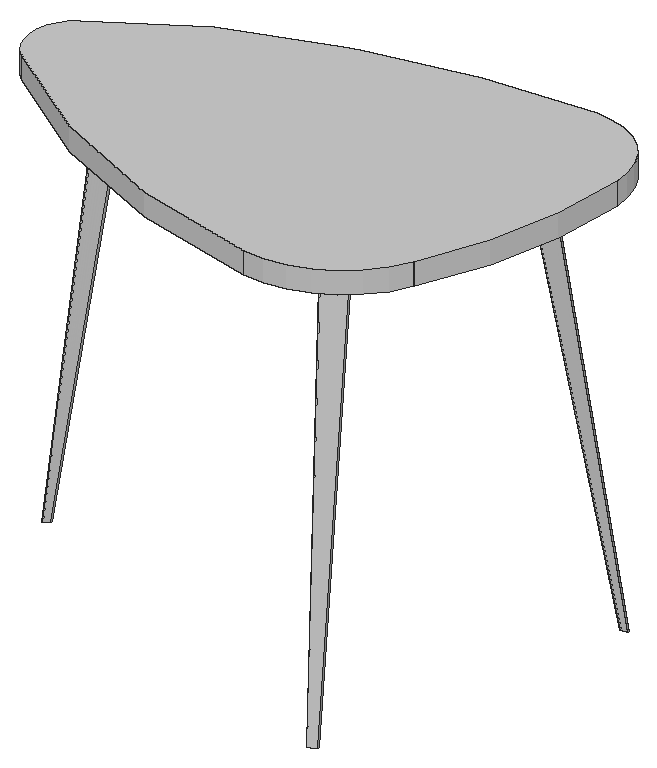
Revit family "Haworth_Mexique_CollaborativeTable", category Furniture, Revit 2018
Family settings
  OmniClass Number = 23.40.70.14.64.21
  OmniClass Title = Systems Furniture
  Work Plane-Based = No
  Always vertical = Yes
  Cut with Voids When Loaded = No
  Shared = No
  Room Calculation Point = No
Parameters (values of type "Bar Height Table")
  Warranty = "http://www.haworth.com/resources/product-info/warranties"
  URL - Product = "https://www.haworth.com/na/en/products/collaborative-conference/mexique-tables.html"
  URL = "https://www.haworth.com/na/en/about/brands/haworth-collection.html"
  Top Finish [instance] = Haworth _ Paint _ Undecided _ Table
  Sustainability Info = "https://www.haworth.com/na/en/expertise/sustainability.html"
  Standard Height = no
  Size = "Verify Final Dim. w/ Haworth"  # constant formula
  Revision Number = "1"  # constant formula
  Model = "HCCSMXTC"  # constant formula
  Manufacturer = "Haworth"  # constant formula
  Leg Finish [instance] = Haworth _ Paint _ Undecided _ Table
  Description = "Haworth - Cassina - Mexique - Collaborative Table - Bar Height"
  Bar Height = not(Standard Height)  # yes
  Author = "Haworth (Abd Rahman)"  # constant formula
  Assembly Code = "E2020200"
  Actual Width = 46.50"  # constant formula
  Actual Height = if(Standard Height, 27.60", 40.20")  # 40.20"
  Actual Depth = 31.50"  # constant formula
Types (2): name | Standard Height | Description | Bar Height | Actual Height
  Standard Height Table | yes | "Haworth - Cassina - Mexique - Collaborative Table - Standard Height" | no | 27.60"
  Bar Height Table | no | "Haworth - Cassina - Mexique - Collaborative Table - Bar Height" | yes | 40.20"
Reference planes (in)
  plane 1: z = 0
  plane 2 "Top": z = 40.2
  plane 3 "Left": x = -21.26989
  plane 4 "Right": x = 25.23011
  plane 5 "Center (Left/Right)": x = 1.98011
  plane 6 "Back": y = 5.59886
  plane 7 "Front": y = -25.90114
  plane 8 "Center (Front/Back)": y = -10.15114
  plane 9: z = 38.2
  plane 10: z = 38.17992
Dimensions and locks (in)
  "Actual Height": plane 2 "Top" to plane 1
  "Actual Width": plane 3 "Left" to plane 4 "Right"
  equal spacing: plane 3 "Left", plane 5 "Center (Left/Right)", plane 4 "Right"
  "Actual Depth": plane 7 "Front" to plane 6 "Back"
  equal spacing: plane 7 "Front", plane 8 "Center (Front/Back)", plane 6 "Back"
  plane 2 "Top" to plane 9 to plane 10 = 2.00" locked, 0.02008" locked
  aligned and locked: plane 8 "Center (Front/Back)" to nested 1
  aligned and locked: plane 5 "Center (Left/Right)" to nested 1
  aligned and locked: plane 8 "Center (Front/Back)" to nested 2
  aligned and locked: plane 5 "Center (Left/Right)" to nested 2
  aligned and locked: plane 8 "Center (Front/Back)" to nested 3
  aligned and locked: plane 5 "Center (Left/Right)" to nested 3
  aligned and locked: plane 2 "Top" to nested 3
  aligned and locked: plane 9 to nested 3
Nested families (in)
  nested 1: "Haworth_Mexique_CollaborativeTable_StandardHeight_Leg-PART" at (0, 0, 0), Leg Finish <- "Leg Finish", visible <- "Standard Height", type "Standard Height - leg - PART"
    with Leg Finish Haworth _ Paint _ Undecided _ Table
  nested 2: "Haworth_Mexique_CollaborativeTable_BarHeight_Leg-PART" at (0, 0, 0), Leg Finish <- "Leg Finish", visible <- "Bar Height", type "Bar Height Table - Leg - PART"
    with Leg Finish Haworth _ Paint _ Undecided _ Table
  nested 3: "Haworth_Mexique_Table_TableTop-PART" at (0, 0, 0), Table Finish <- "Top Finish", type "Table Top - PART"
    with Table Finish Haworth _ Paint _ Undecided _ Table, Actual Height 40.20"
Definition of nested family "Haworth_Mexique_CollaborativeTable_StandardHeight_Leg-PART"
  Parameters (values of type "Standard Height - leg - PART")
    Warranty = "http://www.haworth.com/resources/product-info/warranties"
    URL - Product = "https://www.haworth.com/na/en/products/collaborative-conference/mexique-tables.html"
    URL = "https://www.haworth.com/na/en/about/brands/haworth-collection.html"
    Sustainability Info = "https://www.haworth.com/na/en/expertise/sustainability.html"
    Size = "Verify Final Dim. w/ Haworth"  # constant formula
    Revision Number = "1"  # constant formula
    Model = "HCCSMXTC"  # constant formula
    Manufacturer = "Haworth"  # constant formula
    Leg Finish [instance] = none
    Description = "Haworth - Cassina - Mexique - Collaborative Table - Standard Height - Leg - PART"  # constant formula
    Author = "Haworth (Abd Rahman)"  # constant formula
    Assembly Code = "E2020200"
    Actual Width = 46.50"  # constant formula
    Actual Height = 27.60"  # constant formula
    Actual Depth = 31.50"  # constant formula
  Reference planes (in)
    plane 1: z = 0
    plane 2 "Top": z = 27.6
    plane 3 "Left": x = -21.26989
    plane 4 "Right": x = 25.23011
    plane 5 "Center (Left/Right)": x = 1.98011
    plane 6 "Back": y = 5.59886
    plane 7 "Front": y = -25.90114
    plane 8 "Center (Front/Back)": y = -10.15114
    plane 9: z = 25.6
    plane 10: z = 25.57992
  Forms (in)
    Extrusion 1, solid, material <- "Leg Finish"
      sketch origin (-0.0625, -0.0625, 0) x (1, 0, 0) y (0, 1, 0)
        loop
          arc (13.74472, -17.60546) -> (12.71222, -17.35993) -> (12.14032, -18.25395) r 0.91639
          line (12.14032, -18.25395) -> (12.31705, -21.89633)
          arc (12.31705, -21.89633) -> (12.731, -22.61086) -> (13.55326, -22.68713) r 0.9
          line (13.55326, -22.68713) -> (15.81155, -21.77433)
          arc (15.81155, -21.77433) -> (16.34875, -21.14943) -> (16.15034, -20.3496) r 0.89813
          line (16.15034, -20.3496) -> (13.74472, -17.60546)
        loop
          arc (21.71193, 0.23163) -> (22.18327, 0.92058) -> (21.89452, 1.7038) r 0.90978
          line (21.89452, 1.7038) -> (20.10946, 3.33691)
          arc (20.10946, 3.33691) -> (19.31237, 3.55269) -> (18.67488, 3.02778) r 0.9
          line (18.67488, 3.02778) -> (17.24343, -0.30816)
          arc (17.24343, -0.30816) -> (17.4684, -1.35218) -> (18.52826, -1.48364) r 0.92217
          line (18.52826, -1.48364) -> (21.71193, 0.23163)
        loop
          arc (-16.04626, -7.27034) -> (-17.05368, -7.41331) -> (-17.52048, -8.31743) r 1.10896
          line (-17.52048, -8.31743) -> (-17.52047, -11.23549)
          arc (-17.52047, -11.23549) -> (-17.06199, -12.12349) -> (-16.07252, -12.26391) r 1.0892
          line (-16.07252, -12.26391) -> (-11.91237, -10.81269)
          arc (-11.91237, -10.81269) -> (-11.16649, -9.76254) -> (-11.91237, -8.71239) r 1.11221
          line (-11.91237, -8.71239) -> (-16.04626, -7.27034)
      from 25.57992 to 25.6
    Blend 2, solid, material <- "Leg Finish"
      base sketch origin (0, 0, 0) x (1, 0, 0) y (0, 1, 0)
        loop
          arc (-20.35163, -10.14143) -> (-20.31374, -10.20206) -> (-20.24261, -10.19483) r 0.06765
          line (-20.24261, -10.19483) -> (-19.79233, -9.84685)
          arc (-19.79233, -9.84685) -> (-19.74559, -9.75156) -> (-19.79248, -9.65635) r 0.12031
          line (-19.79248, -9.65635) -> (-20.24265, -9.30957)
          arc (-20.24265, -9.30957) -> (-20.31487, -9.30239) -> (-20.35313, -9.36406) r 0.06862
          line (-20.35313, -9.36406) -> (-20.35163, -10.14143)
      top sketch origin (0, 0, 0) x (1, 0, 0) y (0, 1, 0)
        loop
          arc (-16.47232, -10.67718) -> (-16.44054, -10.7295) -> (-16.37948, -10.72515) r 0.05874
          line (-16.37948, -10.72515) -> (-15.17752, -9.86861)
          arc (-15.17752, -9.86861) -> (-15.12748, -9.77188) -> (-15.17691, -9.67484) r 0.11923
          line (-15.17691, -9.67484) -> (-16.37409, -8.81031)
          arc (-16.37409, -8.81031) -> (-16.43583, -8.80555) -> (-16.46824, -8.85832) r 0.05939
          line (-16.46824, -8.85832) -> (-16.47232, -10.67718)
      from 0 to 25.57992
    Blend 3, solid, material <- "Leg Finish"
      base sketch origin (0, 0, 0) x (1, 0, 0) y (0, 1, 0)
        loop
          line (15.90279, -23.61034) -> (15.40758, -23.32097)
          arc (15.40758, -23.32097) -> (15.30749, -23.31376) -> (15.24064, -23.38859) r 0.11375
          line (15.24064, -23.38859) -> (15.08598, -23.94234)
          arc (15.08598, -23.94234) -> (15.10312, -24.00085) -> (15.1632, -24.01124) r 0.05764
          line (15.1632, -24.01124) -> (15.8954, -23.7137)
          arc (15.8954, -23.7137) -> (15.93126, -23.66432) -> (15.90279, -23.61034) r 0.05775
      top sketch origin (0, 0, 0) x (1, 0, 0) y (0, 1, 0)
        loop
          arc (13.70045, -19.03322) -> (13.59218, -19.02308) -> (13.52084, -19.10514) r 0.11906
          line (13.52084, -19.10514) -> (13.16729, -20.54123)
          arc (13.16729, -20.54123) -> (13.18569, -20.59924) -> (13.2457, -20.60933) r 0.05836
          line (13.2457, -20.60933) -> (14.93467, -19.9312)
          arc (14.93467, -19.9312) -> (14.97155, -19.88177) -> (14.94444, -19.82639) r 0.05918
          line (14.94444, -19.82639) -> (13.70045, -19.03322)
      from 0 to 25.57992
    Blend 4, solid, material <- "Leg Finish"
      base sketch origin (-0.40247, -13.18189, 0) x (0.939693, -0.34202, 0) y (0.34202, 0.939693, 0)
        loop
          arc (15.90279, 23.61034) -> (15.93126, 23.66432) -> (15.8954, 23.7137) r 0.05775
          line (15.8954, 23.7137) -> (15.1632, 24.01124)
          arc (15.1632, 24.01124) -> (15.10312, 24.00085) -> (15.08598, 23.94234) r 0.05764
          line (15.08598, 23.94234) -> (15.24064, 23.38859)
          arc (15.24064, 23.38859) -> (15.30749, 23.31376) -> (15.40758, 23.32097) r 0.11375
          line (15.40758, 23.32097) -> (15.90279, 23.61034)
      top sketch origin (-0.40247, -13.18189, 0) x (0.939693, -0.34202, 0) y (0.34202, 0.939693, 0)
        loop
          line (13.70045, 19.03322) -> (14.94444, 19.82639)
          arc (14.94444, 19.82639) -> (14.97155, 19.88177) -> (14.93467, 19.9312) r 0.05918
          line (14.93467, 19.9312) -> (13.2457, 20.60933)
          arc (13.2457, 20.60933) -> (13.18569, 20.59924) -> (13.16729, 20.54123) r 0.05836
          line (13.16729, 20.54123) -> (13.52084, 19.10514)
          arc (13.52084, 19.10514) -> (13.59218, 19.02308) -> (13.70045, 19.03322) r 0.11906
      from 0 to 25.57992
  Lines and regions (in)
    symbolic lines
      curve 1: line (-20.35163, -10.14143, 0) -> (-20.35313, -9.36406, 0)
      curve 2: line (-16.07252, -12.26391, 0) -> (-11.91237, -10.81269, 0)
      curve 3: line (-11.91237, -8.71239, 0) -> (-16.04626, -7.27034, 0)
      curve 4: arc (-11.91237, -10.81269, 0) -> (-11.16649, -9.76254, 0) -> (-11.91237, -8.71239, 0) r 1.11221
      curve 5: arc (-16.04626, -7.27034, 0) -> (-17.05368, -7.41331, 0) -> (-17.52048, -8.31743, 0) r 1.10896
      curve 6: arc (-17.52047, -11.23549, 0) -> (-17.06199, -12.12349, 0) -> (-16.07252, -12.26391, 0) r 1.0892
      curve 7: line (-17.52048, -8.31743, 0) -> (-17.52048, -8.93666, 0)
      curve 8: arc (-20.35313, -9.36406, 0) -> (-20.33355, -9.31593, 0) -> (-20.28584, -9.29532, 0) r 0.06862
      curve 9: arc (-20.28398, -10.20895, 0) -> (-20.33177, -10.18918, 0) -> (-20.35163, -10.14143, 0) r 0.06765
      curve 10: line (-20.28398, -10.20895, 0) -> (-17.52048, -10.59304, 0)
      curve 11: line (-20.30074, -9.29726, 0) -> (-17.52048, -8.93666, 0)
      curve 12: line (-17.52048, -10.59304, 0) -> (-17.52047, -11.23549, 0)
      curve 13: line (12.14032, -18.25395, 0) -> (12.31705, -21.89633, 0)
      curve 14: arc (13.74472, -17.60546, 0) -> (12.71222, -17.35993, 0) -> (12.14032, -18.25395, 0) r 0.91639
      curve 15: line (16.15034, -20.3496, 0) -> (13.74472, -17.60546, 0)
      curve 16: arc (15.81155, -21.77433, 0) -> (16.34875, -21.14943, 0) -> (16.15034, -20.3496, 0) r 0.89813
      curve 17: arc (12.31705, -21.89633, 0) -> (12.731, -22.61086, 0) -> (13.55326, -22.68713, 0) r 0.9
      curve 18: line (13.55326, -22.68713, 0) -> (14.21229, -22.42075, 0)
      curve 19: line (15.8954, -23.7137, 0) -> (15.1632, -24.01124, 0)
      curve 20: arc (15.93004, -23.6477, 0) -> (15.92479, -23.68703, 0) -> (15.8954, -23.7137, 0) r 0.05775
      curve 21: arc (15.1632, -24.01124, 0) -> (15.13167, -24.01463, 0) -> (15.10312, -24.00085, 0) r 0.05764
      curve 22: line (15.93004, -23.6477, 0) -> (15.48639, -21.90576, 0)
      curve 23: line (15.10312, -24.00085, 0) -> (14.21229, -22.42075, 0)
      curve 24: line (15.48639, -21.90576, 0) -> (15.81155, -21.77433, 0)
      curve 25: line (17.21404, -0.36936, 0) -> (18.62588, 2.99291, 0)
      curve 26: arc (18.49989, -1.52749, 0) -> (17.44568, -1.40507, 0) -> (17.21404, -0.36936, 0) r 0.91639
      curve 27: line (21.69899, 0.22839, 0) -> (18.49989, -1.52749, 0)
      curve 28: arc (21.86791, 1.68308, 0) -> (22.15898, 0.91212, 0) -> (21.69899, 0.22839, 0) r 0.89813
      curve 29: arc (18.62588, 2.99291, 0) -> (19.25925, 3.52277, 0) -> (20.05801, 3.31321, 0) r 0.9
      curve 30: line (20.05801, 3.31321, 0) -> (20.49556, 2.91911, 0)
      curve 31: line (21.56859, 1.95266, 0) -> (21.86791, 1.68308, 0)
      curve 32: line (22.0586, 4.19518, 0) -> (22.64488, 3.66515, 0)
      curve 33: arc (22.64488, 3.66515, 0) -> (22.66345, 3.62953, 0) -> (22.65428, 3.59041, 0) r 0.05775
      curve 34: arc (21.99859, 4.20596, 0) -> (22.03014, 4.20915, 0) -> (22.0586, 4.19518, 0) r 0.05764
      curve 35: line (21.99859, 4.20596, 0) -> (20.49556, 2.91911, 0)
      curve 36: line (21.56859, 1.95266, 0) -> (22.65428, 3.59041, 0)
  Dimensions and locks (in)
    "Actual Height": plane 2 "Top" to plane 1
    "Actual Width": plane 3 "Left" to plane 4 "Right"
    equal spacing: plane 3 "Left", plane 5 "Center (Left/Right)", plane 4 "Right"
    "Actual Depth": plane 7 "Front" to plane 6 "Back"
    equal spacing: plane 7 "Front", plane 8 "Center (Front/Back)", plane 6 "Back"
    plane 2 "Top" to plane 9 to plane 10 = 2.00" locked, 0.02008" locked
    aligned and locked: Extrusion 1 to plane 9
    aligned and locked: plane 10 to Extrusion 1
    aligned and locked: Blend 2 to plane 10
    aligned and locked: Blend 3 to level
    aligned and locked: Blend 3 to plane 10
    aligned and locked: Blend 2 to plane 1
    aligned and locked: Blend 4 to plane 1
    aligned and locked: Blend 4 to plane 10
  Automatic sketch dimensions
    Extrusion 1 sketch curve to plane 8 "Center (Front/Back)" = 1.77122"
    plane 3 "Left" to Extrusion 1 sketch curve = 3.68691"
    plane 8 "Center (Front/Back)" to Extrusion 1 sketch curve = 1.14684"
    Extrusion 1 sketch curve to Extrusion 1 sketch curve = 0.00"
    Extrusion 1 sketch curve to Extrusion 1 sketch curve = 1.0892"
    Extrusion 1 sketch curve to Extrusion 1 sketch curve = 1.10896"
    plane 8 "Center (Front/Back)" to Extrusion 1 sketch curve = 2.17526"
    Extrusion 1 sketch curve to Extrusion 1 sketch curve = 0.35875"
    Extrusion 1 sketch curve to plane 8 "Center (Front/Back)" = 2.8183"
    Extrusion 1 sketch curve to Extrusion 1 sketch curve = 0.36526"
    Extrusion 1 sketch curve to plane 8 "Center (Front/Back)" = 0.3261"
    Extrusion 1 sketch curve to Extrusion 1 sketch curve = 4.13282"
    plane 8 "Center (Front/Back)" to Extrusion 1 sketch curve = 0.72405"
    Extrusion 1 sketch curve to Extrusion 1 sketch curve = 0.36633"
    Extrusion 1 sketch curve to plane 8 "Center (Front/Back)" = 1.37625"
    Extrusion 1 sketch curve to plane 5 "Center (Left/Right)" = 10.09771"
    Extrusion 1 sketch curve to plane 7 "Front" = 3.94231"
    Extrusion 1 sketch curve to Extrusion 1 sketch curve = 0.17673"
    Extrusion 1 sketch curve to Extrusion 1 sketch curve = 0.91531"
    Extrusion 1 sketch curve to Extrusion 1 sketch curve = 0.89894"
    Extrusion 1 sketch curve to plane 7 "Front" = 3.15151"
    Extrusion 1 sketch curve to Extrusion 1 sketch curve = 0.33727"
    plane 8 "Center (Front/Back)" to Extrusion 1 sketch curve = 7.51681"
    Extrusion 1 sketch curve to Extrusion 1 sketch curve = 0.68909"
    Extrusion 1 sketch curve to Extrusion 1 sketch curve = 2.25899"
    Extrusion 1 sketch curve to plane 7 "Front" = 4.06431"
    Extrusion 1 sketch curve to Extrusion 1 sketch curve = 0.33657"
    Extrusion 1 sketch curve to plane 7 "Front" = 5.48904"
    Extrusion 1 sketch curve to Extrusion 1 sketch curve = 0.67536"
    plane 4 "Right" to Extrusion 1 sketch curve = 8.04918"
    Extrusion 1 sketch curve to Extrusion 1 sketch curve = 0.84744"
    Extrusion 1 sketch curve to Extrusion 1 sketch curve = 0.43739"
    plane 6 "Back" to Extrusion 1 sketch curve = 2.63358"
    Extrusion 1 sketch curve to Extrusion 1 sketch curve = 1.43146"
    Extrusion 1 sketch curve to Extrusion 1 sketch curve = 0.82707"
    plane 6 "Back" to Extrusion 1 sketch curve = 2.32445"
    Extrusion 1 sketch curve to Extrusion 1 sketch curve = 0.60751"
    Extrusion 1 sketch curve to Extrusion 1 sketch curve = 1.77845"
    Extrusion 1 sketch curve to Extrusion 1 sketch curve = 0.43152"
    Extrusion 1 sketch curve to Extrusion 1 sketch curve = 0.61411"
    Extrusion 1 sketch curve to Extrusion 1 sketch curve = 0.64849"
    Extrusion 1 sketch curve to Extrusion 1 sketch curve = 4.15652"
    Extrusion 1 sketch curve to Extrusion 1 sketch curve = 0.81184"
    Extrusion 1 sketch curve to Extrusion 1 sketch curve = 2.44126"
    Extrusion 1 sketch curve to Extrusion 1 sketch curve = 0.80093"
    plane 3 "Left" to Blend 2 sketch curve = 0.91676"
    Blend 2 sketch curve to plane 8 "Center (Front/Back)" = 0.00971"
    Blend 2 sketch curve to Blend 2 sketch curve = 0.0015"
    Blend 2 sketch curve to Blend 2 sketch curve = 0.06862"
    Blend 2 sketch curve to plane 8 "Center (Front/Back)" = 0.00984"
    Blend 2 sketch curve to Blend 2 sketch curve = 0.06765"
    Blend 2 sketch curve to Blend 2 sketch curve = 0.04187"
    plane 8 "Center (Front/Back)" to Blend 2 sketch curve = 0.04369"
    Blend 2 sketch curve to Blend 2 sketch curve = 0.41862"
    Blend 2 sketch curve to plane 8 "Center (Front/Back)" = 0.4948"
    Blend 2 sketch curve to Blend 2 sketch curve = 0.07342"
    Blend 2 sketch curve to plane 8 "Center (Front/Back)" = 0.30429"
    Blend 2 sketch curve to Blend 2 sketch curve = 0.07357"
    Blend 2 sketch curve to Blend 2 sketch curve = 0.3876"
    Blend 2 sketch curve to Blend 2 sketch curve = 0.00013"
    plane 8 "Center (Front/Back)" to Blend 2 sketch curve = 0.52603"
    plane 3 "Left" to Blend 2 sketch curve = 4.79758"
    Blend 2 sketch curve to plane 8 "Center (Front/Back)" = 1.29282"
    Blend 2 sketch curve to Blend 2 sketch curve = 0.00408"
    Blend 2 sketch curve to Blend 2 sketch curve = 0.05874"
    Blend 2 sketch curve to Blend 2 sketch curve = 0.05939"
    plane 8 "Center (Front/Back)" to Blend 2 sketch curve = 0.574"
    Blend 2 sketch curve to Blend 2 sketch curve = 0.03409"
    Blend 2 sketch curve to plane 8 "Center (Front/Back)" = 1.34084"
    Blend 2 sketch curve to Blend 2 sketch curve = 0.03477"
    Blend 2 sketch curve to plane 8 "Center (Front/Back)" = 0.37963"
    Blend 2 sketch curve to Blend 2 sketch curve = 1.16686"
    Blend 2 sketch curve to plane 8 "Center (Front/Back)" = 0.28253"
    Blend 2 sketch curve to Blend 2 sketch curve = 0.0692"
    Blend 2 sketch curve to plane 8 "Center (Front/Back)" = 0.4763"
    Blend 3 sketch curve to plane 7 "Front" = 1.95881"
    plane 4 "Right" to Blend 3 sketch curve = 10.14412"
    Blend 3 sketch curve to Blend 3 sketch curve = 0.05551"
    Blend 3 sketch curve to plane 7 "Front" = 1.88991"
    Blend 3 sketch curve to Blend 3 sketch curve = 0.0217"
    Blend 3 sketch curve to plane 7 "Front" = 2.51255"
    Blend 3 sketch curve to Blend 3 sketch curve = 0.15465"
    Blend 3 sketch curve to Blend 3 sketch curve = 0.10956"
    Blend 3 sketch curve to plane 7 "Front" = 2.58017"
    Blend 3 sketch curve to Blend 3 sketch curve = 0.05739"
    Blend 3 sketch curve to Blend 3 sketch curve = 0.52346"
    Blend 3 sketch curve to plane 7 "Front" = 2.18744"
    Blend 3 sketch curve to Blend 3 sketch curve = 0.02174"  (x2)
    Blend 3 sketch curve to plane 7 "Front" = 2.29081"
    Blend 3 sketch curve to Blend 3 sketch curve = 0.02913"
    Blend 3 sketch curve to plane 7 "Front" = 5.35991"
    Blend 3 sketch curve to plane 5 "Center (Left/Right)" = 11.18718"
    Blend 3 sketch curve to Blend 3 sketch curve = 0.05666"
    Blend 3 sketch curve to plane 7 "Front" = 5.29181"
    Blend 3 sketch curve to Blend 3 sketch curve = 0.35355"
    Blend 3 sketch curve to Blend 3 sketch curve = 0.1156"
    Blend 3 sketch curve to plane 7 "Front" = 6.86793"
    Blend 3 sketch curve to Blend 3 sketch curve = 0.06401"
    Blend 3 sketch curve to Blend 3 sketch curve = 1.21218"
    Blend 3 sketch curve to plane 7 "Front" = 5.96995"
    Blend 3 sketch curve to Blend 3 sketch curve = 0.02205"
    Blend 3 sketch curve to plane 7 "Front" = 6.07476"
    Blend 3 sketch curve to Blend 3 sketch curve = 0.03181"
    Blend 3 sketch curve to Blend 3 sketch curve = 0.10039"
    Blend 4 sketch curve to plane 6 "Back" = 1.44202"
    Blend 4 sketch curve to plane 4 "Right" = 3.26763"
    Blend 4 sketch curve to Blend 4 sketch curve = 0.05551"
    Blend 4 sketch curve to Blend 4 sketch curve = 0.0217"
    Blend 4 sketch curve to Blend 4 sketch curve = 0.15465"
    Blend 4 sketch curve to Blend 4 sketch curve = 0.10956"
    Blend 4 sketch curve to Blend 4 sketch curve = 0.05739"
    Blend 4 sketch curve to Blend 4 sketch curve = 0.52346"
    Blend 4 sketch curve to Blend 4 sketch curve = 0.02174"  (x2)
    Blend 4 sketch curve to Blend 4 sketch curve = 0.02913"
    Blend 4 sketch curve to Blend 4 sketch curve = 0.0155"
    Blend 4 sketch curve to Blend 4 sketch curve = 0.29754"
    Blend 4 sketch curve to Blend 4 sketch curve = 0.0535"
    Blend 4 sketch curve to Blend 4 sketch curve = 0.24101"
    Blend 4 sketch curve to Blend 4 sketch curve = 0.0306"
    Blend 4 sketch curve to plane 6 "Back" = 3.98178"
    Blend 4 sketch curve to plane 4 "Right" = 6.23386"
    Blend 4 sketch curve to Blend 4 sketch curve = 0.05666"
    Blend 4 sketch curve to Blend 4 sketch curve = 0.35355"
    Blend 4 sketch curve to Blend 4 sketch curve = 0.1156"
    Blend 4 sketch curve to Blend 4 sketch curve = 0.06401"
    Blend 4 sketch curve to Blend 4 sketch curve = 1.21218"
    Blend 4 sketch curve to Blend 4 sketch curve = 0.02205"
    Blend 4 sketch curve to Blend 4 sketch curve = 0.03181"
    Blend 4 sketch curve to Blend 4 sketch curve = 0.01395"
    Blend 4 sketch curve to Blend 4 sketch curve = 0.67814"
    Blend 4 sketch curve to Blend 4 sketch curve = 0.05491"
    Blend 4 sketch curve to Blend 4 sketch curve = 0.74268"
    Blend 4 sketch curve to Blend 4 sketch curve = 0.02846"
    plane 3 "Left" to curve 1 = 0.91676"
    curve 1 to plane 8 "Center (Front/Back)" = 0.00971"
    curve 1 to curve 1 = 0.0015"
    curve 1 to curve 8 = 0.06862"
    plane 8 "Center (Front/Back)" to curve 10 = 0.05781"
    curve 1 to curve 10 = 0.06765"
    curve 7 to plane 8 "Center (Front/Back)" = 1.83372"
    curve 8 to curve 7 = 2.76404"
    curve 11 to plane 8 "Center (Front/Back)" = 1.21449"
    curve 7 to curve 11 = 0.00"
    plane 8 "Center (Front/Back)" to curve 10 = 0.4419"
    curve 7 to curve 10 = 0.00"
    plane 8 "Center (Front/Back)" to curve 12 = 1.08434"
    curve 10 to curve 12 = 0.00"
    curve 6 to curve 6 = 1.0892"
    curve 5 to curve 5 = 1.10896"
    plane 8 "Center (Front/Back)" to curve 2 = 2.11276"
    curve 6 to curve 2 = 0.35875"
    curve 3 to plane 8 "Center (Front/Back)" = 2.8808"
    curve 5 to curve 3 = 0.36526"
    curve 4 to plane 8 "Center (Front/Back)" = 0.3886"
    curve 5 to curve 4 = 4.13282"
    plane 8 "Center (Front/Back)" to curve 2 = 0.66155"
    curve 4 to curve 2 = 0.36633"
    curve 3 to plane 8 "Center (Front/Back)" = 1.43875"
    curve 13 to plane 5 "Center (Left/Right)" = 10.16021"
    curve 13 to plane 7 "Front" = 4.00481"
    curve 13 to curve 13 = 0.17673"
    curve 13 to curve 14 = 0.91531"
    curve 17 to curve 17 = 0.89894"
    curve 18 to plane 7 "Front" = 3.21401"
    curve 17 to curve 18 = 0.33727"
    plane 8 "Center (Front/Back)" to curve 15 = 7.45431"
    curve 14 to curve 15 = 0.68909"
    curve 18 to plane 7 "Front" = 3.48039"
    curve 18 to curve 18 = 0.65903"
    curve 23 to plane 7 "Front" = 1.9003"
    curve 18 to curve 23 = 0.89084"
    curve 21 to curve 21 = 0.03838"
    curve 19 to plane 7 "Front" = 1.88991"
    curve 21 to curve 19 = 0.0217"
    curve 18 to curve 16 = 1.26269"
    curve 22 to plane 7 "Front" = 3.99538"
    curve 16 to curve 22 = 0.01141"
    curve 24 to plane 7 "Front" = 4.12681"
    curve 22 to curve 24 = 0.32515"
    curve 21 to curve 20 = 0.73216"
    curve 19 to plane 7 "Front" = 2.18744"
    curve 20 to curve 19 = 0.02174"
    curve 22 to plane 7 "Front" = 2.25345"
    curve 20 to curve 22 = 0.05638"
    curve 15 to plane 7 "Front" = 5.55154"
    curve 16 to curve 15 = 0.67536"
    plane 4 "Right" to curve 25 = 8.01606"
    curve 25 to curve 26 = 0.84492"
    curve 26 to curve 27 = 0.44093"
    curve 25 to curve 25 = 1.41183"
    curve 25 to curve 29 = 0.82981"
    plane 6 "Back" to curve 30 = 2.28565"
    curve 29 to curve 30 = 0.60232"
    curve 29 to curve 35 = 0.43756"
    curve 30 to curve 28 = 0.77128"
    curve 28 to curve 27 = 0.43214"
    curve 28 to curve 31 = 0.60107"
    curve 30 to curve 34 = 1.52438"
    curve 34 to curve 32 = 0.03865"
    curve 34 to curve 33 = 0.58621"
    curve 33 to curve 32 = 0.03873"
    curve 13 to curve 14 = 0.64849"
    curve 9 to curve 1 = 0.77737"
    curve 1 to curve 8 = 0.00013"
    curve 27 to curve 29 = 4.8407"
    curve 26 to curve 26 = 0.80334"
    curve 27 to curve 29 = 3.08482"
    curve 27 to curve 28 = 0.78733"
    curve 29 to curve 29 = 0.66874"
    curve 30 to curve 29 = 0.3941"
    curve 33 to curve 32 = 0.57286"
    curve 34 to curve 34 = 0.04275"
    curve 11 to plane 8 "Center (Front/Back)" = 0.85389"
    curve 31 to curve 28 = 0.29932"
    curve 34 to curve 34 = 0.02135"
    plane 6 "Back" to curve 35 = 1.3929"
    curve 33 to curve 33 = 0.04813"
    curve 28 to curve 36 = 0.26958"
    curve 33 to curve 32 = 0.04284"
Definition of nested family "Haworth_Mexique_CollaborativeTable_BarHeight_Leg-PART"
  Parameters (values of type "Bar Height Table - Leg - PART")
    Warranty = "http://www.haworth.com/resources/product-info/warranties"
    URL - Product = "https://www.haworth.com/na/en/products/collaborative-conference/mexique-tables.html"
    URL = "https://www.haworth.com/na/en/about/brands/haworth-collection.html"
    Sustainability Info = "https://www.haworth.com/na/en/expertise/sustainability.html"
    Size = "Verify Final Dim. w/ Haworth"  # constant formula
    Revision Number = "1"  # constant formula
    Model = "HCCSMXTC"  # constant formula
    Manufacturer = "Haworth"  # constant formula
    Leg Finish [instance] = none
    Description = "Haworth - Cassina - Mexique - Collaborative Table - Bar Height - Leg - PART"  # constant formula
    Author = "Haworth (Abd Rahman)"  # constant formula
    Assembly Code = "E2020200"
    Actual Width = 46.50"  # constant formula
    Actual Height = 40.20"  # constant formula
    Actual Depth = 31.50"  # constant formula
  Reference planes (in)
    plane 1: z = 0
    plane 2 "Top": z = 40.2
    plane 3 "Left": x = -21.26989
    plane 4 "Right": x = 25.23011
    plane 5 "Center (Left/Right)": x = 1.98011
    plane 6 "Back": y = 5.59886
    plane 7 "Front": y = -25.90114
    plane 8 "Center (Front/Back)": y = -10.15114
    plane 9: z = 38.2
    plane 10: z = 38.17992
  Forms (in)
    Extrusion 1, solid, material <- "Leg Finish"
      sketch origin (-0.0625, -0.0625, 0) x (1, 0, 0) y (0, 1, 0)
        loop
          arc (13.04293, -15.8692) -> (12.01043, -15.62368) -> (11.43853, -16.5177) r 0.91639
          line (11.43853, -16.5177) -> (11.61526, -20.16008)
          arc (11.61526, -20.16008) -> (12.02921, -20.87461) -> (12.85147, -20.95088) r 0.9
          line (12.85147, -20.95088) -> (15.10976, -20.03808)
          arc (15.10976, -20.03808) -> (15.64696, -19.41317) -> (15.44855, -18.61335) r 0.89813
          line (15.44855, -18.61335) -> (13.04293, -15.8692)
        loop
          arc (20.02443, -1.42462) -> (20.49577, -0.73567) -> (20.20702, 0.04755) r 0.90978
          line (20.20702, 0.04755) -> (18.42196, 1.68066)
          arc (18.42196, 1.68066) -> (17.62487, 1.89644) -> (16.98738, 1.37153) r 0.9
          line (16.98738, 1.37153) -> (15.55593, -1.96441)
          arc (15.55593, -1.96441) -> (15.7809, -3.00843) -> (16.84076, -3.13989) r 0.92217
          line (16.84076, -3.13989) -> (20.02443, -1.42462)
        loop
          arc (-15.54803, -7.73739) -> (-16.37755, -7.85511) -> (-16.76193, -8.59958) r 0.91314
          line (-16.76193, -8.59958) -> (-16.76193, -10.96535)
          arc (-16.76193, -10.96535) -> (-16.36618, -11.73184) -> (-15.51212, -11.85304) r 0.94014
          line (-15.51212, -11.85304) -> (-12.134, -10.67462)
          arc (-12.134, -10.67462) -> (-11.51384, -9.80148) -> (-12.134, -8.92833) r 0.92474
          line (-12.134, -8.92833) -> (-15.54803, -7.73739)
      from 38.17992 to 38.2
    Blend 2, solid, material <- "Leg Finish"
      base sketch origin (0, 0, 0) x (1, 0, 0) y (0, 1, 0)
        loop
          arc (-20.57038, -10.12581) -> (-20.53249, -10.18643) -> (-20.46136, -10.17921) r 0.06765
          line (-20.46136, -10.17921) -> (-20.01108, -9.83123)
          arc (-20.01108, -9.83123) -> (-19.96434, -9.73594) -> (-20.01123, -9.64072) r 0.12031
          line (-20.01123, -9.64072) -> (-20.4614, -9.29394)
          arc (-20.4614, -9.29394) -> (-20.53362, -9.28676) -> (-20.57188, -9.34843) r 0.06862
          line (-20.57188, -9.34843) -> (-20.57038, -10.12581)
      top sketch origin (0, 0, 0) x (1, 0, 0) y (0, 1, 0)
        loop
          arc (-14.77883, -10.9235) -> (-14.74715, -10.97589) -> (-14.68607, -10.97181) r 0.05887
          line (-14.68607, -10.97181) -> (-13.11429, -9.86497)
          arc (-13.11429, -9.86497) -> (-13.0629, -9.76637) -> (-13.11356, -9.66739) r 0.12115
          line (-13.11356, -9.66739) -> (-14.67901, -8.54753)
          arc (-14.67901, -8.54753) -> (-14.74002, -8.54302) -> (-14.772, -8.59517) r 0.05878
          line (-14.772, -8.59517) -> (-14.77883, -10.9235)
      from 0 to 38.17992
    Blend 3, solid, material <- "Leg Finish"
      base sketch origin (0, 0, 0) x (1, 0, 0) y (0, 1, 0)
        loop
          line (15.68404, -23.59471) -> (15.18883, -23.30535)
          arc (15.18883, -23.30535) -> (15.08874, -23.29813) -> (15.02189, -23.37296) r 0.11375
          line (15.02189, -23.37296) -> (14.86723, -23.92671)
          arc (14.86723, -23.92671) -> (14.88437, -23.98522) -> (14.94445, -23.99561) r 0.05764
          line (14.94445, -23.99561) -> (15.67665, -23.69807)
          arc (15.67665, -23.69807) -> (15.71251, -23.64869) -> (15.68404, -23.59471) r 0.05775
      top sketch origin (0, 0, 0) x (1, 0, 0) y (0, 1, 0)
        loop
          arc (12.63156, -16.89654) -> (12.52266, -16.88599) -> (12.4511, -16.96875) r 0.1191
          line (12.4511, -16.96875) -> (12.00098, -18.84277)
          arc (12.00098, -18.84277) -> (12.01987, -18.90153) -> (12.08073, -18.91175) r 0.05936
          line (12.08073, -18.91175) -> (14.24135, -18.04796)
          arc (14.24135, -18.04796) -> (14.27818, -17.99886) -> (14.25148, -17.94359) r 0.05902
          line (14.25148, -17.94359) -> (12.63156, -16.89654)
      from 0 to 38.17992
    Blend 4, solid, material <- "Leg Finish"
      base sketch origin (-0.40247, -13.18189, 0) x (0.939693, -0.34202, 0) y (0.34202, 0.939693, 0)
        loop
          arc (15.71456, 23.53272) -> (15.74303, 23.5867) -> (15.70717, 23.63608) r 0.05775
          line (15.70717, 23.63608) -> (14.97496, 23.93362)
          arc (14.97496, 23.93362) -> (14.91489, 23.92323) -> (14.89775, 23.86472) r 0.05764
          line (14.89775, 23.86472) -> (15.0524, 23.31097)
          arc (15.0524, 23.31097) -> (15.11926, 23.23614) -> (15.21935, 23.24336) r 0.11375
          line (15.21935, 23.24336) -> (15.71456, 23.53272)
      top sketch origin (-0.40247, -13.18189, 0) x (0.939693, -0.34202, 0) y (0.34202, 0.939693, 0)
        loop
          arc (12.43964, 16.92313) -> (12.50947, 16.84129) -> (12.61662, 16.85093) r 0.11715
          line (12.61662, 16.85093) -> (14.24639, 17.88813)
          arc (14.24639, 17.88813) -> (14.27318, 17.94259) -> (14.23709, 17.9914) r 0.05836
          line (14.23709, 17.9914) -> (12.0802, 18.87082)
          arc (12.0802, 18.87082) -> (12.01992, 18.86111) -> (12.00086, 18.80311) r 0.05871
          line (12.00086, 18.80311) -> (12.43964, 16.92313)
      from 0 to 38.17992
  Lines and regions (in)
    symbolic lines
      curve 1: line (-12.1965, -8.99083, 0) -> (-15.61053, -7.79989, 0)
      curve 2: arc (-15.61053, -7.79989, 0) -> (-16.44005, -7.91761, 0) -> (-16.82443, -8.66208, 0) r 0.91314
      curve 3: line (-16.82443, -10.69558, 0) -> (-16.82443, -11.02785, 0)
      curve 4: arc (-16.82443, -11.02785, 0) -> (-16.42868, -11.79434, 0) -> (-15.57462, -11.91554, 0) r 0.94014
      curve 5: line (-15.57462, -11.91554, 0) -> (-12.1965, -10.73712, 0)
      curve 6: arc (-12.1965, -10.73712, 0) -> (-11.57634, -9.86398, 0) -> (-12.1965, -8.99083, 0) r 0.92474
      curve 7: line (-20.57038, -10.12581, 0) -> (-20.57188, -9.34843, 0)
      curve 8: arc (-20.57188, -9.34843, 0) -> (-20.55483, -9.30303, 0) -> (-20.51202, -9.28025, 0) r 0.06862
      curve 9: arc (-20.53249, -10.18643, 0) -> (-20.5601, -10.16153, 0) -> (-20.57038, -10.12581, 0) r 0.06765
      curve 10: line (-20.53249, -10.18643, 0) -> (-16.82443, -10.69558, 0)
      curve 11: line (-16.82443, -8.80613, 0) -> (-20.51202, -9.28025, 0)
      curve 12: line (-16.82443, -8.66208, 0) -> (-16.82443, -8.80613, 0)
      curve 13: line (16.92488, 1.30903, 0) -> (15.49343, -2.02691, 0)
      curve 14: line (16.77826, -3.20239, 0) -> (19.96193, -1.48712, 0)
      curve 15: arc (19.96193, -1.48712, 0) -> (20.43327, -0.79817, 0) -> (20.14452, -0.01495, 0) r 0.90978
      curve 16: arc (15.49343, -2.02691, 0) -> (15.7184, -3.07093, 0) -> (16.77826, -3.20239, 0) r 0.92217
      curve 17: arc (18.35946, 1.61816, 0) -> (17.56237, 1.83394, 0) -> (16.92488, 1.30903, 0) r 0.9
      curve 18: line (20.14452, -0.01495, 0) -> (20.03596, 0.08437, 0)
      curve 19: line (18.54515, 1.44828, 0) -> (18.35946, 1.61816, 0)
      curve 20: line (21.85517, 4.18662, 0) -> (22.44145, 3.6566, 0)
      curve 21: arc (21.79517, 4.1974, 0) -> (21.82671, 4.2006, 0) -> (21.85517, 4.18662, 0) r 0.05764
      curve 22: arc (22.44145, 3.6566, 0) -> (22.45824, 3.62967, 0) -> (22.45826, 3.59793, 0) r 0.05775
      curve 23: line (22.45826, 3.59793, 0) -> (20.03596, 0.08437, 0)
      curve 24: line (21.79517, 4.1974, 0) -> (18.54515, 1.44828, 0)
      curve 25: arc (12.98043, -15.9317, 0) -> (11.94793, -15.68618, 0) -> (11.37603, -16.5802, 0) r 0.91639
      curve 26: line (15.38605, -18.67585, 0) -> (12.98043, -15.9317, 0)
      curve 27: arc (15.04726, -20.10058, 0) -> (15.58446, -19.47567, 0) -> (15.38605, -18.67585, 0) r 0.89813
      curve 28: line (11.37603, -16.5802, 0) -> (11.55276, -20.22258, 0)
      curve 29: arc (11.55276, -20.22258, 0) -> (11.96671, -20.93711, 0) -> (12.78897, -21.01338, 0) r 0.9
      curve 30: line (14.8312, -20.18791, 0) -> (15.04726, -20.10058, 0)
      curve 31: line (12.78897, -21.01338, 0) -> (13.12711, -20.8767, 0)
      curve 32: line (15.67665, -23.69807, 0) -> (14.94445, -23.99561, 0)
      curve 33: arc (15.71251, -23.64869, 0) -> (15.70163, -23.67851, 0) -> (15.67665, -23.69807, 0) r 0.05775
      curve 34: arc (14.94445, -23.99561, 0) -> (14.91292, -23.99901, 0) -> (14.88437, -23.98522, 0) r 0.05764
      curve 35: line (15.71251, -23.64869, 0) -> (14.8312, -20.18791, 0)
      curve 36: line (14.88437, -23.98522, 0) -> (13.12711, -20.8767, 0)
  Dimensions and locks (in)
    "Actual Height": plane 2 "Top" to plane 1
    "Actual Width": plane 3 "Left" to plane 4 "Right"
    equal spacing: plane 3 "Left", plane 5 "Center (Left/Right)", plane 4 "Right"
    "Actual Depth": plane 7 "Front" to plane 6 "Back"
    equal spacing: plane 7 "Front", plane 8 "Center (Front/Back)", plane 6 "Back"
    plane 2 "Top" to plane 9 to plane 10 = 2.00" locked, 0.02008" locked
    aligned and locked: Extrusion 1 to plane 9
    aligned and locked: plane 10 to Extrusion 1
    aligned and locked: Blend 2 to plane 10
    aligned and locked: Blend 3 to level
    aligned and locked: Blend 3 to plane 10
    aligned and locked: Blend 2 to plane 1
    aligned and locked: Blend 4 to plane 1
    aligned and locked: Blend 4 to plane 10
  Automatic sketch dimensions
    plane 3 "Left" to Blend 2 sketch curve = 0.69801"
    Blend 2 sketch curve to plane 8 "Center (Front/Back)" = 0.02534"
    Blend 2 sketch curve to Blend 2 sketch curve = 0.0015"
    Blend 2 sketch curve to Blend 2 sketch curve = 0.06862"
    Blend 2 sketch curve to plane 8 "Center (Front/Back)" = 0.02547"
    Blend 2 sketch curve to Blend 2 sketch curve = 0.06765"
    Blend 2 sketch curve to Blend 2 sketch curve = 0.04187"
    plane 8 "Center (Front/Back)" to Blend 2 sketch curve = 0.02806"
    Blend 2 sketch curve to Blend 2 sketch curve = 0.41862"
    Blend 2 sketch curve to plane 8 "Center (Front/Back)" = 0.51042"
    Blend 2 sketch curve to Blend 2 sketch curve = 0.07342"
    Blend 2 sketch curve to plane 8 "Center (Front/Back)" = 0.31991"
    Blend 2 sketch curve to Blend 2 sketch curve = 0.07357"
    Blend 2 sketch curve to Blend 2 sketch curve = 0.3876"
    Blend 2 sketch curve to Blend 2 sketch curve = 0.00013"
    Blend 3 sketch curve to plane 7 "Front" = 1.97443"
    plane 4 "Right" to Blend 3 sketch curve = 10.36287"
    Blend 3 sketch curve to Blend 3 sketch curve = 0.05551"
    Blend 3 sketch curve to plane 7 "Front" = 1.90553"
    Blend 3 sketch curve to Blend 3 sketch curve = 0.0217"
    Blend 3 sketch curve to plane 7 "Front" = 2.52818"
    Blend 3 sketch curve to Blend 3 sketch curve = 0.15465"
    Blend 3 sketch curve to Blend 3 sketch curve = 0.10956"
    Blend 3 sketch curve to plane 7 "Front" = 2.59579"
    Blend 3 sketch curve to Blend 3 sketch curve = 0.05739"
    Blend 3 sketch curve to Blend 3 sketch curve = 0.52346"
    Blend 3 sketch curve to plane 7 "Front" = 2.20307"
    Blend 3 sketch curve to Blend 3 sketch curve = 0.02174"
    Blend 3 sketch curve to plane 7 "Front" = 2.30643"
    Blend 3 sketch curve to Blend 3 sketch curve = 0.02913"
    plane 8 "Center (Front/Back)" to Blend 2 sketch curve = 0.77236"
    plane 3 "Left" to Blend 2 sketch curve = 6.49106"
    Blend 2 sketch curve to plane 8 "Center (Front/Back)" = 1.55597"
    Blend 2 sketch curve to Blend 2 sketch curve = 0.00683"
    Blend 2 sketch curve to Blend 2 sketch curve = 0.05887"
    Blend 2 sketch curve to Blend 2 sketch curve = 0.05878"
    plane 8 "Center (Front/Back)" to Blend 2 sketch curve = 0.82067"
    Blend 2 sketch curve to Blend 2 sketch curve = 0.03389"
    Blend 2 sketch curve to plane 8 "Center (Front/Back)" = 1.60361"
    Blend 2 sketch curve to Blend 2 sketch curve = 0.0342"
    Blend 2 sketch curve to plane 8 "Center (Front/Back)" = 0.38522"
    Blend 2 sketch curve to Blend 2 sketch curve = 1.53591"
    Blend 2 sketch curve to plane 8 "Center (Front/Back)" = 0.28617"
    Blend 2 sketch curve to Blend 2 sketch curve = 0.06975"
    Blend 2 sketch curve to plane 8 "Center (Front/Back)" = 0.48376"
    Extrusion 1 sketch curve to plane 8 "Center (Front/Back)" = 1.48906"
    plane 3 "Left" to Extrusion 1 sketch curve = 4.44546"
    plane 8 "Center (Front/Back)" to Extrusion 1 sketch curve = 0.87671"
    Extrusion 1 sketch curve to Extrusion 1 sketch curve = 0.00"
    Extrusion 1 sketch curve to Extrusion 1 sketch curve = 0.91314"
    Extrusion 1 sketch curve to Extrusion 1 sketch curve = 0.94014"
    Extrusion 1 sketch curve to plane 8 "Center (Front/Back)" = 2.35125"
    Extrusion 1 sketch curve to Extrusion 1 sketch curve = 0.30076"
    plane 8 "Center (Front/Back)" to Extrusion 1 sketch curve = 1.76439"
    Extrusion 1 sketch curve to Extrusion 1 sketch curve = 0.30966"
    Extrusion 1 sketch curve to plane 8 "Center (Front/Back)" = 0.28717"
    Extrusion 1 sketch curve to Extrusion 1 sketch curve = 3.3832"
    plane 8 "Center (Front/Back)" to Extrusion 1 sketch curve = 0.58598"
    Extrusion 1 sketch curve to Extrusion 1 sketch curve = 0.30458"
    Extrusion 1 sketch curve to plane 8 "Center (Front/Back)" = 1.16031"
    Extrusion 1 sketch curve to plane 5 "Center (Left/Right)" = 9.39592"
    Extrusion 1 sketch curve to Extrusion 1 sketch curve = 0.17673"
    Extrusion 1 sketch curve to Extrusion 1 sketch curve = 0.91531"
    Extrusion 1 sketch curve to Extrusion 1 sketch curve = 0.89894"
    Extrusion 1 sketch curve to plane 7 "Front" = 4.88777"
    Extrusion 1 sketch curve to Extrusion 1 sketch curve = 0.33727"
    plane 8 "Center (Front/Back)" to Extrusion 1 sketch curve = 5.78056"
    Extrusion 1 sketch curve to Extrusion 1 sketch curve = 0.68909"
    Extrusion 1 sketch curve to Extrusion 1 sketch curve = 2.25899"
    Extrusion 1 sketch curve to plane 7 "Front" = 5.80056"
    Extrusion 1 sketch curve to Extrusion 1 sketch curve = 0.33657"
    Extrusion 1 sketch curve to plane 7 "Front" = 7.2253"
    Extrusion 1 sketch curve to Extrusion 1 sketch curve = 0.67536"
    plane 4 "Right" to Extrusion 1 sketch curve = 9.73668"
    Extrusion 1 sketch curve to Extrusion 1 sketch curve = 0.84744"
    Extrusion 1 sketch curve to Extrusion 1 sketch curve = 0.43739"
    Extrusion 1 sketch curve to Extrusion 1 sketch curve = 1.43146"
    Extrusion 1 sketch curve to Extrusion 1 sketch curve = 0.82707"
    plane 6 "Back" to Extrusion 1 sketch curve = 3.9807"
    Extrusion 1 sketch curve to Extrusion 1 sketch curve = 0.60751"
    Extrusion 1 sketch curve to Extrusion 1 sketch curve = 1.77845"
    Extrusion 1 sketch curve to Extrusion 1 sketch curve = 0.43152"
    Extrusion 1 sketch curve to Extrusion 1 sketch curve = 0.61411"
    Extrusion 1 sketch curve to Extrusion 1 sketch curve = 0.7908"
    Extrusion 1 sketch curve to Extrusion 1 sketch curve = 0.64849"
    Extrusion 1 sketch curve to Extrusion 1 sketch curve = 4.82055"
    Extrusion 1 sketch curve to Extrusion 1 sketch curve = 0.81184"
    Extrusion 1 sketch curve to Extrusion 1 sketch curve = 3.10528"
    Extrusion 1 sketch curve to Extrusion 1 sketch curve = 0.80093"
    Extrusion 1 sketch curve to Extrusion 1 sketch curve = 0.66403"
    Blend 3 sketch curve to plane 5 "Center (Left/Right)" = 10.02088"
    Blend 3 sketch curve to Blend 3 sketch curve = 0.05772"
    Blend 3 sketch curve to Blend 3 sketch curve = 0.02204"
    Blend 3 sketch curve to Blend 3 sketch curve = 0.45012"
    Blend 3 sketch curve to Blend 3 sketch curve = 0.11581"
    plane 8 "Center (Front/Back)" to Blend 3 sketch curve = 6.74539"
    Blend 3 sketch curve to Blend 3 sketch curve = 0.06465"
    Blend 3 sketch curve to Blend 3 sketch curve = 1.58787"
    Blend 3 sketch curve to Blend 3 sketch curve = 0.02191"
    Blend 3 sketch curve to Blend 3 sketch curve = 0.03204"
    Blend 3 sketch curve to Blend 3 sketch curve = 0.07221"
    Blend 3 sketch curve to Blend 3 sketch curve = 1.04705"
    Blend 3 sketch curve to Blend 3 sketch curve = 0.04957"
    Blend 3 sketch curve to Blend 3 sketch curve = 1.87403"
    Blend 3 sketch curve to Blend 3 sketch curve = 0.01386"
    Blend 4 sketch curve to plane 6 "Back" = 1.45057"
    Blend 4 sketch curve to plane 4 "Right" = 3.47105"
    Blend 4 sketch curve to Blend 4 sketch curve = 0.05551"
    Blend 4 sketch curve to Blend 4 sketch curve = 0.0217"
    Blend 4 sketch curve to Blend 4 sketch curve = 0.15465"
    Blend 4 sketch curve to Blend 4 sketch curve = 0.10956"
    Blend 4 sketch curve to Blend 4 sketch curve = 0.05739"
    Blend 4 sketch curve to Blend 4 sketch curve = 0.52346"
    Blend 4 sketch curve to Blend 4 sketch curve = 0.02174"
    Blend 4 sketch curve to Blend 4 sketch curve = 0.02913"
    Blend 4 sketch curve to Blend 4 sketch curve = 0.0155"
    Blend 4 sketch curve to Blend 4 sketch curve = 0.29754"
    Blend 4 sketch curve to Blend 4 sketch curve = 0.0535"
    Blend 4 sketch curve to Blend 4 sketch curve = 0.24101"
    Blend 4 sketch curve to Blend 4 sketch curve = 0.0306"
    Blend 4 sketch curve to plane 6 "Back" = 5.21613"
    Blend 4 sketch curve to plane 4 "Right" = 7.92441"
    Blend 4 sketch curve to Blend 4 sketch curve = 0.05717"
    Blend 4 sketch curve to Blend 4 sketch curve = 0.02216"
    Blend 4 sketch curve to Blend 4 sketch curve = 0.43878"
    Blend 4 sketch curve to Blend 4 sketch curve = 0.11408"
    Blend 4 sketch curve to Blend 4 sketch curve = 0.0629"
    Blend 4 sketch curve to Blend 4 sketch curve = 1.59844"
    Blend 4 sketch curve to Blend 4 sketch curve = 0.02203"
    Blend 4 sketch curve to Blend 4 sketch curve = 0.03133"
    Blend 4 sketch curve to Blend 4 sketch curve = 0.01334"
    Blend 4 sketch curve to Blend 4 sketch curve = 0.87942"
    Blend 4 sketch curve to Blend 4 sketch curve = 0.05404"
    Blend 4 sketch curve to Blend 4 sketch curve = 1.8667"
    Blend 4 sketch curve to Blend 4 sketch curve = 0.02663"
    plane 3 "Left" to curve 7 = 0.69801"
    curve 7 to plane 8 "Center (Front/Back)" = 0.02534"
    plane 3 "Left" to curve 7 = 0.69951"
    plane 8 "Center (Front/Back)" to curve 10 = 0.03529"
    curve 9 to curve 10 = 0.03789"
    curve 8 to curve 11 = 0.05987"
    curve 8 to curve 8 = 0.00875"
    curve 9 to plane 8 "Center (Front/Back)" = 0.02547"
    curve 12 to plane 8 "Center (Front/Back)" = 1.48906"
    curve 8 to curve 12 = 3.68759"
    plane 8 "Center (Front/Back)" to curve 10 = 0.54444"
    curve 11 to curve 10 = 0.00"
    plane 8 "Center (Front/Back)" to curve 3 = 0.87671"
    curve 3 to curve 3 = 0.00"
    curve 12 to curve 2 = 0.91314"
    curve 4 to curve 4 = 0.94014"
    curve 1 to plane 8 "Center (Front/Back)" = 2.35125"
    plane 8 "Center (Front/Back)" to curve 5 = 1.76439"
    curve 4 to curve 5 = 0.30966"
    curve 6 to plane 8 "Center (Front/Back)" = 0.28717"
    curve 4 to curve 6 = 3.3832"
    plane 8 "Center (Front/Back)" to curve 5 = 0.58598"
    curve 6 to curve 5 = 0.30458"
    curve 1 to plane 8 "Center (Front/Back)" = 1.16031"
    curve 28 to plane 5 "Center (Left/Right)" = 9.39592"
    curve 28 to curve 28 = 0.17673"
    curve 25 to curve 25 = 0.91531"
    curve 28 to curve 29 = 0.89894"
    curve 31 to plane 7 "Front" = 4.88777"
    curve 29 to curve 31 = 0.33727"
    curve 25 to curve 26 = 0.68909"
    curve 30 to curve 34 = 0.09154"
    curve 32 to plane 7 "Front" = 1.90553"
    curve 34 to curve 32 = 0.0217"
    curve 31 to curve 27 = 1.58358"
    curve 27 to curve 26 = 0.67536"
    plane 4 "Right" to curve 13 = 9.73668"
    curve 34 to curve 33 = 0.73216"
    curve 32 to plane 7 "Front" = 2.20307"
    curve 33 to curve 32 = 0.02174"
    curve 16 to curve 16 = 0.84744"
    curve 16 to curve 14 = 0.43739"
    curve 16 to curve 13 = 1.43146"
    curve 17 to curve 17 = 0.82707"
    plane 6 "Back" to curve 19 = 3.9807"
    curve 17 to curve 19 = 0.60751"
    curve 17 to curve 19 = 0.18569"
    curve 19 to curve 15 = 0.98526"
    curve 15 to curve 14 = 0.43152"
    curve 15 to curve 23 = 0.50555"
    curve 18 to curve 18 = 0.10856"
    plane 4 "Right" to curve 21 = 3.41359"
    plane 6 "Back" to curve 20 = 1.41223"
    curve 21 to curve 20 = 0.03865"
    curve 21 to curve 22 = 0.58621"
    plane 6 "Back" to curve 20 = 1.94226"
    curve 22 to curve 20 = 0.03873"
    curve 34 to curve 34 = 0.0534"
    curve 32 to curve 33 = 0.0535"
    curve 29 to curve 28 = 0.7908"
    curve 31 to curve 27 = 2.20085"
    curve 29 to curve 28 = 3.64238"
    curve 25 to curve 25 = 0.04441"
    curve 7 to curve 7 = 0.77737"
    curve 8 to curve 8 = 0.00013"
    curve 11 to curve 2 = 0.14405"
    curve 14 to curve 17 = 4.82055"
    curve 16 to curve 16 = 0.81184"
    curve 14 to curve 17 = 3.10528"
    curve 15 to curve 15 = 0.80093"
    curve 15 to curve 23 = 0.09932"
    curve 17 to curve 17 = 0.66403"
    curve 24 to curve 17 = 0.16988"
    curve 22 to curve 20 = 0.04284"
    curve 36 to plane 7 "Front" = 5.02444"
    curve 35 to plane 7 "Front" = 5.71324"
    curve 36 to curve 34 = 0.03838"
    curve 33 to curve 33 = 0.0576"
    curve 21 to curve 21 = 0.02135"
    plane 6 "Back" to curve 24 = 1.40145"
    curve 22 to curve 22 = 0.05554"
    curve 30 to plane 7 "Front" = 5.80056"
    curve 27 to curve 30 = 0.12052"
    curve 31 to curve 36 = 0.33814"
    curve 30 to curve 30 = 0.21605"
Definition of nested family "Haworth_Mexique_Table_TableTop-PART"
  Parameters (values of type "Table Top - PART")
    Warranty = "http://www.haworth.com/resources/product-info/warranties"
    URL - Product = "https://www.haworth.com/na/en/products/collaborative-conference/mexique-tables.html"
    URL = "https://www.haworth.com/na/en/about/brands/haworth-collection.html"
    Table Finish [instance] = none
    Sustainability Info = "https://www.haworth.com/na/en/expertise/sustainability.html"
    Size = "Verify Final Dim. w/ Haworth"  # constant formula
    Revision Number = "1"  # constant formula
    Model = "Haworth - Cassina - Mexique"  # constant formula
    Manufacturer = "Haworth"  # constant formula
    Description = "Haworth - Cassina - Mexique - Table Top - PART"  # constant formula
    Author = "Haworth (Abd Rahman)"  # constant formula
    Assembly Code = "E2020200"
    Actual Width = 46.50"  # constant formula
    Actual Height = 27.60"
    Actual Depth = 31.50"  # constant formula
  Reference planes (in)
    plane 1: z = 0
    plane 2 "Top": z = 27.6
    plane 3 "Left": x = -21.26989
    plane 4 "Right": x = 25.23011
    plane 5 "Center (Left/Right)": x = 1.98011
    plane 6 "Back": y = 5.59886
    plane 7 "Front": y = -25.90114
    plane 8 "Center (Front/Back)": y = -10.15114
    plane 9: z = 25.6
  Forms (in)
    Extrusion 1, solid, material <- "Table Finish"
      sketch origin (0, 0, 0) x (1, 0, 0) y (0, 1, 0)
        loop
          arc (-19.6587, -13.57236) -> (-5.40679, -21.908) -> (10.61364, -25.90114) r 58.13825
          arc (10.61364, -25.90114) -> (16.95891, -24.48945) -> (21.19833, -19.56173) r 10.31012
          arc (21.19833, -19.56173) -> (21.2101, -19.53426) -> (21.22268, -19.50716) r 1
          arc (21.22268, -19.50716) -> (24.30133, -10.5849) -> (25.22271, -1.1915) r 40.34423
          arc (25.22271, -1.1915) -> (22.97955, 3.80888) -> (17.8214, 5.66065) r 7
          arc (17.8214, 5.66065) -> (8.17148, 4.53442) -> (-1.2804, 2.28695) r 82.89939
          arc (-1.2804, 2.28695) -> (-1.88262, 2.10691) -> (-2.48541, 1.92876) r 200
          arc (-2.48541, 1.92876) -> (-11.48102, -1.6707) -> (-19.63673, -6.90152) r 51.16222
          arc (-19.63673, -6.90152) -> (-21.26381, -10.23162) -> (-19.6587, -13.57236) r 4.25
      from 25.6 to 27.6
  Lines and regions (in)
    Masking region 1
      outline origin (0, 0, 0) x (1, 0, 0) y (0, 1, 0)
        loop
          arc (-2.48541, 1.92876) -> (-11.48102, -1.6707) -> (-19.63673, -6.90152) r 51.16222
          arc (-19.63673, -6.90152) -> (-21.26381, -10.23162) -> (-19.6587, -13.57236) r 4.25
          arc (-19.6587, -13.57236) -> (-5.40679, -21.908) -> (10.61364, -25.90114) r 58.13825
          arc (10.61364, -25.90114) -> (16.9715, -24.4819) -> (21.20946, -19.53453) r 10.31012
          arc (21.20946, -19.53453) -> (24.29808, -10.59975) -> (25.22271, -1.1915) r 40.34423
          arc (25.22271, -1.1915) -> (22.97955, 3.80888) -> (17.8214, 5.66065) r 7
          arc (17.8214, 5.66065) -> (8.17148, 4.53442) -> (-1.2804, 2.28695) r 82.89939
          arc (-1.2804, 2.28695) -> (-1.88262, 2.10691) -> (-2.48541, 1.92876) r 200
  Dimensions and locks (in)
    "Actual Height": plane 2 "Top" to plane 1
    "Actual Width": plane 3 "Left" to plane 4 "Right"
    equal spacing: plane 3 "Left", plane 5 "Center (Left/Right)", plane 4 "Right"
    "Actual Depth": plane 7 "Front" to plane 6 "Back"
    equal spacing: plane 7 "Front", plane 8 "Center (Front/Back)", plane 6 "Back"
    locked: plane 2 "Top" to plane 9 at 2
    aligned and locked: plane 2 "Top" to Extrusion 1
    aligned and locked: Extrusion 1 to plane 9
  Automatic sketch dimensions
    plane 7 "Front" to Extrusion 1 sketch curve = 0.00"  (x2)
    Extrusion 1 sketch curve to plane 3 "Left" = 37.59879"
    plane 8 "Center (Front/Back)" to Extrusion 1 sketch curve = 0.09447"
    plane 3 "Left" to Extrusion 1 sketch curve = 4.25606"
    plane 3 "Left" to Extrusion 1 sketch curve = 6.15602"
    Extrusion 1 sketch curve to plane 5 "Center (Left/Right)" = 9.68129"
    Extrusion 1 sketch curve to plane 5 "Center (Left/Right)" = 9.95796"
    plane 4 "Right" to Extrusion 1 sketch curve = 8.70822"
    plane 4 "Right" to Extrusion 1 sketch curve = 7.00607"
    plane 4 "Right" to Extrusion 1 sketch curve = 3.10677"
    plane 4 "Right" to Extrusion 1 sketch curve = 2.64034"
    plane 7 "Front" to Extrusion 1 sketch curve = 21.25713"
    Extrusion 1 sketch curve to Extrusion 1 sketch curve = 29.94321"
    Extrusion 1 sketch curve to plane 7 "Front" = 5.95946"
    plane 8 "Center (Front/Back)" to Extrusion 1 sketch curve = 5.49326"
    plane 6 "Back" to Extrusion 1 sketch curve = 7.5757"
    plane 6 "Back" to Extrusion 1 sketch curve = 6.92662"
    Extrusion 1 sketch curve to plane 6 "Back" = 26.33726"
    Extrusion 1 sketch curve to Extrusion 1 sketch curve = 161.88044"
    Extrusion 1 sketch curve to Extrusion 1 sketch curve = 0.00"  (x7)
    Masking region 1 sketch curve to plane 5 "Center (Left/Right)" = 9.95796"
    plane 4 "Right" to Masking region 1 sketch curve = 7.00607"
    plane 4 "Right" to Masking region 1 sketch curve = 2.64034"
    plane 7 "Front" to Masking region 1 sketch curve = 51.20034"
    plane 7 "Front" to Masking region 1 sketch curve = 21.25713"
    plane 6 "Back" to Masking region 1 sketch curve = 6.92662"
    plane 5 "Center (Left/Right)" to Masking region 1 sketch curve = 3.26051"
    Masking region 1 sketch curve to Masking region 1 sketch curve = 1.205"
    plane 3 "Left" to Masking region 1 sketch curve = 1.63317"
    Masking region 1 sketch curve to plane 6 "Back" = 0.06179"
    Masking region 1 sketch curve to Masking region 1 sketch curve = 0.00"  (x4)
    plane 4 "Right" to Masking region 1 sketch curve = 0.00739"
    Masking region 1 sketch curve to plane 8 "Center (Front/Back)" = 3.24962"
    plane 3 "Left" to Masking region 1 sketch curve = 6.15602"
    plane 4 "Right" to Masking region 1 sketch curve = 4.02065"
    plane 7 "Front" to Masking region 1 sketch curve = 0.00"  (x2)
    plane 8 "Center (Front/Back)" to Masking region 1 sketch curve = 5.49326"
    Masking region 1 sketch curve to Masking region 1 sketch curve = 9.54806"
    plane 4 "Right" to Masking region 1 sketch curve = 8.70822"
    plane 3 "Left" to Masking region 1 sketch curve = 1.6112"
